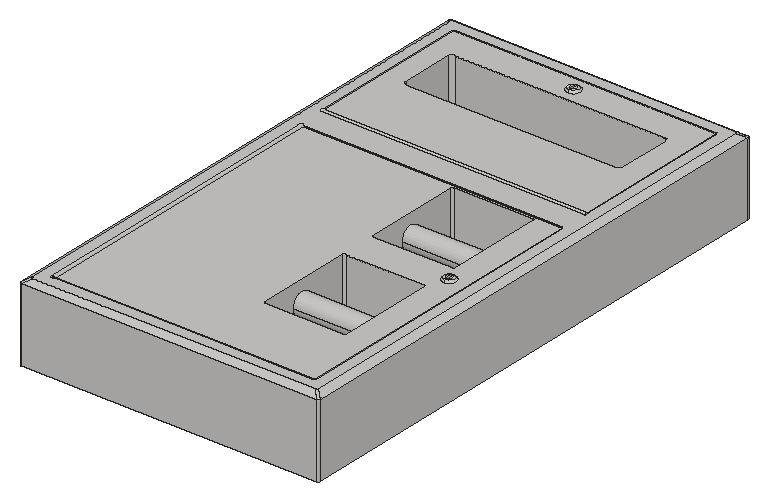
Revit family "Toilet_Seat_Tissue_Dispenser-Bobrick-ClassicSeries-B-3479", category Specialty Equipment, host Face, Revit 2014
Parameters (values of type "B-3479")
  Width = 17 3/16"
  Warranty Information = "1 Year Limited Warranty"
  URL = "http://www.bobrick.com/"
  Type Comments = ""
  Specification = "Surface-mounted toilet-seat-cover and toilet tissue dispenser shall be type-304 stainless steel; exposed surfaces shall have satin finish. Toilet tissue dispenser shall be ABS plastic. Flange shall be drawn and beveled, one-piece, seamless construction. Unit shall be mounted on side wall of single toilet compartment. Doors shall be one-piece, seamless construction; secured to unit with a full-length stainless steel piano-hinge; and equipped with tumbler locks keyed like other Bobrick washroom accessories. Toilet-seat-cover dispenser shall hold 500 paper covers. Unit shall be equipped with two theft-resistant, heavy-duty ABS toilet tissue spindles that hold standard-core rolls up to 5-1/4'' (135mm) diameter (1800 sheets). Spindles shall be removable from unit only when door is open. Surface-Mounted Seat-Cover And Toilet Tissue Dispenser shall be Model B-3479 of Bobrick Washroom Equipment, Inc., Clifton Park, New York; Jackson, Tennessee; Los Angeles, California; Bobrick Washroom Equipment Company, Scarborough, Ontario; Bobrick Washroom Equipment Pty. Ltd., Australia; and Bobrick Washroom Equipment Limited, United Kingdom."
  Product Page URL = "http://www.bobrick.com/washroomaccessories/Pages/ProductDetails.aspx?Product+Number=B-3479"
  Product Documentation Link = "http://www.bobrick.com/Documents/B-3479_td.pdf"
  Price = "Prices may vary. Please consult Manufacturer Representative for most up-to-date price list."  # constant formula
  Model = "B-3479"
  Material = Stainless Steel-Bobrick-Type 304-Satin
  Manufacturer = "Bobrick Washroom Equipment, Inc."
  Length = 4 3/16"
  Installation Type = "Wall Mounted"
  Height = 30 7/8"
  Description = "Bobrick ClassicSeries® Surface-Mounted Seat-Cover and Toilet Tissue Dispenser"
  Default Elevation = 60"
  Creation Date = "12/30/2014"  # constant formula
  Assembly Code = "E1010900"
  ADA Compliant = yes
Reference planes (in)
  plane 1 "Center (Front/Back)": y = 0
  plane 2: z = 0
  plane 3 "Center (Left/Right)": x = 0
  plane 4: x = 8.59375
  plane 5: x = -8.59375
  plane 6: y = -15.4375
  plane 7: y = 15.4375
  plane 8: z = 4.1875
  plane 9: y = -44.5625
  plane 10: x = 3.71875
  plane 11: x = -7.59375
  plane 12: x = 7.59375
Forms (in)
  Extrusion 1, solid, material "Stainless Steel-Bobrick-Type 304-Satin" <- "Material"
    sketch origin (0, 0, 0) x (1, 0, 0) y (0, 1, 0)
      loop
        arc (-8.46875, 15.4375) -> (-8.55714, 15.40089) -> (-8.59375, 15.3125) r 0.125
        line (-8.59375, 15.3125) -> (-8.59375, -15.3125)
        arc (-8.59375, -15.3125) -> (-8.55714, -15.40089) -> (-8.46875, -15.4375) r 0.125
        line (-8.46875, -15.4375) -> (8.46875, -15.4375)
        arc (8.46875, -15.4375) -> (8.55714, -15.40089) -> (8.59375, -15.3125) r 0.125
        line (8.59375, -15.3125) -> (8.59375, 15.3125)
        arc (8.59375, 15.3125) -> (8.55714, 15.40089) -> (8.46875, 15.4375) r 0.125
        line (8.46875, 15.4375) -> (-8.46875, 15.4375)
    from 0 to 4.1875
  Blend 2, solid, material "Stainless Steel-Bobrick-Type 304-Satin" <- "Material"
    base sketch origin (0, 0, 0) x (1, 0, 0) y (0, 1, 0)
      loop
        arc (-8.46875, 15.4375) -> (-8.55714, 15.40089) -> (-8.59375, 15.3125) r 0.125
        line (-8.59375, 15.3125) -> (-8.59375, -15.3125)
        arc (-8.59375, -15.3125) -> (-8.55714, -15.40089) -> (-8.46875, -15.4375) r 0.125
        line (-8.46875, -15.4375) -> (8.46875, -15.4375)
        arc (8.46875, -15.4375) -> (8.55714, -15.40089) -> (8.59375, -15.3125) r 0.125
        line (8.59375, -15.3125) -> (8.59375, 15.3125)
        arc (8.59375, 15.3125) -> (8.55714, 15.40089) -> (8.46875, 15.4375) r 0.125
        line (8.46875, 15.4375) -> (-8.46875, 15.4375)
    top sketch origin (0, 0, 0) x (1, 0, 0) y (0, 1, 0)
      loop
        arc (-8.09375, 15.0625) -> (-8.18214, 15.02589) -> (-8.21875, 14.9375) r 0.125
        line (-8.21875, 14.9375) -> (-8.21875, -14.9375)
        arc (-8.21875, -14.9375) -> (-8.18214, -15.02589) -> (-8.09375, -15.0625) r 0.125
        line (-8.09375, -15.0625) -> (8.09375, -15.0625)
        arc (8.09375, -15.0625) -> (8.18214, -15.02589) -> (8.21875, -14.9375) r 0.125
        line (8.21875, -14.9375) -> (8.21875, 14.9375)
        arc (8.21875, 14.9375) -> (8.18214, 15.02589) -> (8.09375, 15.0625) r 0.125
        line (8.09375, 15.0625) -> (-8.09375, 15.0625)
    from 4.1875 to 4.4375
  Extrusion 3, void
    sketch origin (0, 0, 0) x (1, 0, 0) y (0, 1, 0)
      loop
        arc (-7.46875, 14.4375) -> (-7.55714, 14.40089) -> (-7.59375, 14.3125) r 0.125
        line (-7.59375, 14.3125) -> (-7.59375, 5.15514) -> (-7.53125, 5.15514) -> (-7.53125, 14.3125)
        arc (-7.53125, 14.3125) -> (-7.51294, 14.35669) -> (-7.46875, 14.375) r 0.0625
        line (-7.46875, 14.375) -> (7.46875, 14.375)
        arc (7.46875, 14.375) -> (7.51294, 14.35669) -> (7.53125, 14.3125) r 0.0625
        line (7.53125, 14.3125) -> (7.53125, 5.15514) -> (7.59375, 5.15514) -> (7.59375, 14.3125)
        arc (7.59375, 14.3125) -> (7.55714, 14.40089) -> (7.46875, 14.4375) r 0.125
        line (7.46875, 14.4375) -> (-7.46875, 14.4375)
      loop
        line (-7.46875, -14.4375) -> (7.46875, -14.4375)
        arc (7.46875, -14.4375) -> (7.55714, -14.40089) -> (7.59375, -14.3125) r 0.125
        line (7.59375, -14.3125) -> (7.59375, 3.28176)
        arc (7.59375, 3.28176) -> (7.55714, 3.37015) -> (7.46875, 3.40676) r 0.125
        line (7.46875, 3.40676) -> (-7.46875, 3.40676) -> (-7.46875, 3.34426) -> (7.46875, 3.34426)
        arc (7.46875, 3.34426) -> (7.51294, 3.32595) -> (7.53125, 3.28176) r 0.0625
        line (7.53125, 3.28176) -> (7.53125, -14.3125)
        arc (7.53125, -14.3125) -> (7.51294, -14.35669) -> (7.46875, -14.375) r 0.0625
        line (7.46875, -14.375) -> (-7.46875, -14.375) -> (-7.46875, -14.4375)
      loop
        line (1.46875, -2.59804) -> (5.96875, -2.59804)
        arc (5.96875, -2.59804) -> (6.05714, -2.56143) -> (6.09375, -2.47304) r 0.125
        line (6.09375, -2.47304) -> (6.09375, 3.02696)
        arc (6.09375, 3.02696) -> (6.05714, 3.11534) -> (5.96875, 3.15196) r 0.125
        line (5.96875, 3.15196) -> (1.46875, 3.15196)
        arc (1.46875, 3.15196) -> (1.38036, 3.11534) -> (1.34375, 3.02696) r 0.125
        line (1.34375, 3.02696) -> (1.34375, -2.47304)
        arc (1.34375, -2.47304) -> (1.38036, -2.56143) -> (1.46875, -2.59804) r 0.125
      loop
        line (1.46875, -10.34804) -> (5.96875, -10.34804)
        arc (5.96875, -10.34804) -> (6.05714, -10.31143) -> (6.09375, -10.22304) r 0.125
        line (6.09375, -10.22304) -> (6.09375, -4.72304)
        arc (6.09375, -4.72304) -> (6.05714, -4.63466) -> (5.96875, -4.59804) r 0.125
        line (5.96875, -4.59804) -> (1.46875, -4.59804)
        arc (1.46875, -4.59804) -> (1.38036, -4.63466) -> (1.34375, -4.72304) r 0.125
        line (1.34375, -4.72304) -> (1.34375, -10.22304)
        arc (1.34375, -10.22304) -> (1.38036, -10.31143) -> (1.46875, -10.34804) r 0.125
      loop
        arc (-6.05372, 12.65482) -> (-6.2305, 12.5816) -> (-6.30372, 12.40482) r 0.25
        line (-6.30372, 12.40482) -> (-6.30372, 9.40482)
        arc (-6.30372, 9.40482) -> (-6.2305, 9.22804) -> (-6.05372, 9.15482) r 0.25
        line (-6.05372, 9.15482) -> (5.94628, 9.15482)
        arc (5.94628, 9.15482) -> (6.12305, 9.22804) -> (6.19628, 9.40482) r 0.25
        line (6.19628, 9.40482) -> (6.19628, 12.40482)
        arc (6.19628, 12.40482) -> (6.12305, 12.5816) -> (5.94628, 12.65482) r 0.25
        line (5.94628, 12.65482) -> (-6.05372, 12.65482)
      loop
        line (0.05469, 13.77942) -> (-0.05469, 13.77942) -> (-0.05469, 13.3341) -> (0.05469, 13.3341) -> (0.05469, 13.77942)
      loop
        line (6.54656, -3.27232) -> (6.43718, -3.27232) -> (6.43718, -3.66294) -> (6.54656, -3.66294) -> (6.54656, -3.27232)
    from 0.54021 to 5.53252
  Extrusion 4, solid, material "Stainless Steel-Bobrick-Type 304-Satin" <- "Material"
    sketch origin (0, 0.1875, 1.3125) x (0, 1, 0) y (0, 0, 1)
      loop
        circle (0, 1.9029) r 0.625
    from 1.34375 to 6.09375
  Extrusion 5, solid, material "Stainless Steel-Bobrick-Type 304-Satin" <- "Material"
    sketch origin (0, -7.625, 1.3125) x (0, 1, 0) y (0, 0, 1)
      loop
        circle (0, 1.9029) r 0.625
    from 1.34375 to 6.09375
  Revolve 6, solid, material "Stainless Steel-Bobrick-Type 304-Satin" <- "Material"
    sketch origin (0, -0.125, 0) x (0, 1, 0) y (0, 0, 1)
      loop
        line (13.6875, 4.4375) -> (14.0625, 4.4375) -> (13.9669, 4.5331)
        arc (13.9669, 4.5331) -> (13.93433, 4.55486) -> (13.89592, 4.5625) r 0.10039
        line (13.89592, 4.5625) -> (13.6875, 4.5625) -> (13.6875, 4.4375)
      axis (13.6875, 4.5625) -> (13.6875, 4.4375)
    angle from 0 to 360
  Revolve 7, solid, material "Stainless Steel-Bobrick-Type 304-Satin" <- "Material"
    sketch origin (6.49187, -17.14939, 0) x (0, 1, 0) y (0, 0, 1)
      loop
        line (13.6875, 4.4375) -> (14.0625, 4.4375) -> (13.9669, 4.5331)
        arc (13.9669, 4.5331) -> (13.93433, 4.55486) -> (13.89592, 4.5625) r 0.10039
        line (13.89592, 4.5625) -> (13.6875, 4.5625) -> (13.6875, 4.4375)
      axis (13.6875, 4.5625) -> (13.6875, 4.4375)
    angle from 0 to 360
  Extrusion 8, solid, material "Stainless Steel-Bobrick-Type 304-Satin" <- "Material"
    sketch origin (0, -0.03125, -0.0625) x (0, 1, 0) y (0, 0, 1)
      loop
        arc (5.18645, 4.4375) -> (5.06145, 4.5625) -> (4.93645, 4.4375) r 0.125
        line (4.93645, 4.4375) -> (5.18645, 4.4375)
    from -7.59375 to 7.59375
  Extrusion 9, void
    sketch origin (0, 0, 0) x (0, 1, 0) y (0, 0, 1)
      loop
        line (5.26308, 0.54021) -> (9.32344, 0.54021) -> (9.32344, 4.04021) -> (5.26308, 4.04021) -> (5.26308, 0.54021)
    from -7.53125 to 7.53125
  Extrusion 10, solid, material "Stainless Steel-Bobrick-Type 304-Satin" <- "Material"
    sketch origin (-12.5302, -6.84375, -0.0625) x (1, 0, 0) y (0, 0, 1)
      loop
        arc (5.18645, 4.4375) -> (5.06145, 4.5625) -> (4.93645, 4.4375) r 0.125
        line (4.93645, 4.4375) -> (5.18645, 4.4375)
    from -10.25051 to 7.59375
Cuts and joins
  Extrusion 3, Extrusion 9 cuts Extrusion 1
  Extrusion 3, Extrusion 9 cuts Blend 2
  Extrusion 9 cuts Extrusion 4
  Extrusion 9 cuts Extrusion 5
  Extrusion 3, Extrusion 9 cuts Revolve 6
  Extrusion 3, Extrusion 9 cuts Revolve 7
  Extrusion 9 cuts Extrusion 8
  joined: Extrusion 1, Blend 2, Extrusion 4, Extrusion 5, Revolve 6, Revolve 7, Extrusion 8, Extrusion 10
Lines and regions (in)
  Masking region 1
    outline origin (0, 0, 0) x (1, 0, 0) y (0, 0, 1)
      loop
        line (-8.59375, 0) -> (8.59375, 0) -> (8.59375, 4.1875) -> (8.21875, 4.4375) -> (7.59375, 4.4375) -> (7.59375, 4.5) -> (6.8047, 4.5) -> (6.76676, 4.53794)
        arc (6.76676, 4.53794) -> (6.73956, 4.55612) -> (6.70747, 4.5625) r 0.08386
        line (6.70747, 4.5625) -> (6.28609, 4.5625)
        arc (6.28609, 4.5625) -> (6.24531, 4.55439) -> (6.21073, 4.53129) r 0.10657
        line (6.21073, 4.53129) -> (6.17963, 4.50019) -> (0.31348, 4.50019) -> (0.28112, 4.53255)
        arc (0.28112, 4.53255) -> (0.24794, 4.55472) -> (0.20881, 4.5625) r 0.10226
        line (0.20881, 4.5625) -> (-0.20784, 4.5625)
        arc (-0.20784, 4.5625) -> (-0.24697, 4.55472) -> (-0.28014, 4.53255) r 0.10226
        line (-0.28014, 4.53255) -> (-0.31251, 4.50019) -> (-7.59375, 4.50019) -> (-7.59375, 4.4375) -> (-8.21875, 4.4375) -> (-8.59375, 4.1875) -> (-8.59375, 0)
  symbolic lines, detail levels medium+fine
    curve 1: line (-8.59375, 0, 4.1875) -> (8.59375, 0, 4.1875)
    curve 2: line (-7.59375, 0, 4.4375) -> (7.59375, 0, 4.4375)
  symbolic lines, detail levels fine
    curve 3: line (6.11695, 0, 4.4375) -> (6.17963, 0, 4.50019)
    curve 4: line (6.8672, 0, 4.4375) -> (6.80644, 0, 4.49826)
    curve 5: arc (-7.577, 0, 4.4375) -> (-7.46875, 0, 4.5) -> (-7.3605, 0, 4.4375) r 0.125
    curve 6: line (-0.31251, 0, 4.50019) -> (0.31348, 0, 4.50019)
Dimensions and locks (in)
  "Length": plane 8 to host face
  "Height": plane 6 to plane 7
  "Width": plane 5 to plane 4
  "Default Elevation": plane 9 to plane 7
  plane 5 to plane 10 to plane 4 = 12 5/16", 4 7/8"
  plane 11 to plane 12 = 15 3/16"
  aligned and locked: plane 2 to host face
  aligned and locked: level to host face
  aligned and locked: plane 8 to Extrusion 1
  aligned and locked: Extrusion 1 to level
Automatic sketch dimensions
  host sketch curve to host sketch curve = 96"  (x2)
  Extrusion 1 sketch curve to plane 5 = 0"
  plane 6 to Extrusion 1 sketch curve = 0"
  plane 7 to Extrusion 1 sketch curve = 0"
  Extrusion 1 sketch curve to plane 4 = 0"
  plane 5 to Extrusion 1 sketch curve = 1/8"  (x2)
  Extrusion 1 sketch curve to plane 4 = 1/8"  (x2)
  Blend 2 sketch curve to plane 5 = 0"
  plane 6 to Blend 2 sketch curve = 0"
  plane 7 to Blend 2 sketch curve = 0"
  Blend 2 sketch curve to plane 4 = 0"
  Blend 2 sketch curve to Blend 2 sketch curve = 1/8"  (x4)
  plane 5 to Blend 2 sketch curve = 1/8"
  Blend 2 sketch curve to plane 4 = 1/8"  (x2)
  plane 5 to Blend 2 sketch curve = 3/8"
  Blend 2 sketch curve to plane 4 = 1/2"  (x2)
  Blend 2 sketch curve to plane 6 = 3/8"
  plane 7 to Blend 2 sketch curve = 1/2"
  Extrusion 3 sketch curve to Extrusion 3 sketch curve = 0"  (x9)
  plane 5 to Extrusion 3 sketch curve = 1"
  Extrusion 3 sketch curve to Extrusion 3 sketch curve = 1/16"  (x4)
  plane 5 to Extrusion 3 sketch curve = 1 1/8"  (x2)
  Extrusion 3 sketch curve to Extrusion 3 sketch curve = 1.16503"
  Extrusion 3 sketch curve to Extrusion 3 sketch curve = 1/4"  (x3)
  Extrusion 3 sketch curve to plane 3 "Center (Left/Right)" = 7/128"
  plane 3 "Center (Left/Right)" to Extrusion 3 sketch curve = 7/128"
  plane 3 "Center (Left/Right)" to Extrusion 3 sketch curve = 1 11/32"
  Extrusion 3 sketch curve to Extrusion 3 sketch curve = 1/8"  (x6)
  Extrusion 3 sketch curve to plane 4 = 2.64747"  (x2)
  Extrusion 3 sketch curve to plane 4 = 2.15657"
  Extrusion 3 sketch curve to Extrusion 3 sketch curve = 7/64"
  Extrusion 3 sketch curve to plane 4 = 2 5/8"  (x2)
  Extrusion 3 sketch curve to Extrusion 3 sketch curve = 0.57781"  (x2)
  Extrusion 3 sketch curve to Extrusion 3 sketch curve = 1 3/8"
  Extrusion 3 sketch curve to plane 4 = 1 1/8"  (x2)
  Extrusion 3 sketch curve to plane 4 = 1 1/16"
  Extrusion 3 sketch curve to plane 6 = 1"
  Extrusion 3 sketch curve to Extrusion 3 sketch curve = 3.96446"
  plane 1 "Center (Front/Back)" to Extrusion 3 sketch curve = 4.72304"
  Extrusion 3 sketch curve to Extrusion 3 sketch curve = 0.9351"
  Extrusion 3 sketch curve to Extrusion 3 sketch curve = 25/64"
  Extrusion 3 sketch curve to Extrusion 3 sketch curve = 0.67427"
  Extrusion 3 sketch curve to plane 1 "Center (Front/Back)" = 3.02696"
  Extrusion 3 sketch curve to Extrusion 3 sketch curve = 0.2548"
  Extrusion 3 sketch curve to Extrusion 3 sketch curve = 1.74838"  (x2)
  Extrusion 3 sketch curve to Extrusion 3 sketch curve = 3.99969"
  Extrusion 3 sketch curve to Extrusion 3 sketch curve = 3"
  plane 7 to Extrusion 3 sketch curve = 2.1034"
  Extrusion 3 sketch curve to Extrusion 3 sketch curve = 57/128"
  plane 7 to Extrusion 3 sketch curve = 1 1/8"
  Extrusion 4 sketch curve to plane 1 "Center (Front/Back)" = 3/16"
  Extrusion 4 sketch curve to plane 8 = 0.9721"
  Extrusion 5 sketch curve to plane 8 = 0.9721"
  plane 1 "Center (Front/Back)" to Extrusion 5 sketch curve = 7 5/8"
  plane 8 to Revolve 6 sketch curve = 1/4"
  plane 7 to Revolve 6 sketch curve = 1 7/8"
  Revolve 6 sketch curve to Revolve 6 sketch curve = 0"
  Revolve 6 sketch curve to Revolve 6 sketch curve = 0.20842"
  plane 8 to Revolve 6 sketch curve = 0.3456"
  Revolve 6 sketch curve to Revolve 6 sketch curve = 0.07099"  (x2)
  Revolve 6 sketch curve to Revolve 6 sketch curve = 0.0956"
  Revolve 6 sketch curve to Revolve 6 sketch curve = 0.04717"
  Revolve 6 sketch curve to Revolve 6 sketch curve = 0.03268"
  plane 8 to Revolve 7 sketch curve = 1/4"
  plane 1 "Center (Front/Back)" to Revolve 7 sketch curve = 3.46189"
  Revolve 7 sketch curve to Revolve 7 sketch curve = 0"
  Revolve 7 sketch curve to Revolve 7 sketch curve = 0.20842"
  plane 8 to Revolve 7 sketch curve = 0.3456"
  Revolve 7 sketch curve to Revolve 7 sketch curve = 0.07099"  (x2)
  Revolve 7 sketch curve to Revolve 7 sketch curve = 0.0956"
  Revolve 7 sketch curve to Revolve 7 sketch curve = 0.04717"
  Revolve 7 sketch curve to Revolve 7 sketch curve = 0.03268"
  plane 8 to Extrusion 8 sketch curve = 3/16"
  Extrusion 8 sketch curve to plane 1 "Center (Front/Back)" = 4.9052"
  Extrusion 8 sketch curve to Extrusion 8 sketch curve = 1/8"
  Extrusion 9 sketch curve to plane 8 = 0.14729"
  Extrusion 9 sketch curve to plane 1 "Center (Front/Back)" = 5.26308"
  Extrusion 9 sketch curve to Extrusion 9 sketch curve = 4.06036"
  level to Extrusion 9 sketch curve = 0.54021"
  plane 8 to Extrusion 10 sketch curve = 3/16"
  plane 5 to Extrusion 10 sketch curve = 1"
  Extrusion 10 sketch curve to Extrusion 10 sketch curve = 1/8"
  Masking region 1 sketch curve to plane 5 = 0"
  Masking region 1 sketch curve to plane 4 = 0"
  Masking region 1 sketch curve to level = 0"
  Masking region 1 sketch curve to plane 8 = 0"  (x2)
  plane 5 to Masking region 1 sketch curve = 3/8"
  plane 8 to Masking region 1 sketch curve = 1/4"  (x2)
  Masking region 1 sketch curve to Masking region 1 sketch curve = 5/8"
  Masking region 1 sketch curve to plane 3 "Center (Left/Right)" = 5/16"
  Masking region 1 sketch curve to Masking region 1 sketch curve = 0.03236"  (x3)
  Masking region 1 sketch curve to Masking region 1 sketch curve = 0.07231"  (x2)
  plane 3 "Center (Left/Right)" to Masking region 1 sketch curve = 0.20881"
  plane 8 to Masking region 1 sketch curve = 0.31269"
  Masking region 1 sketch curve to plane 4 = 2.41412"
  Masking region 1 sketch curve to Masking region 1 sketch curve = 0.0311"  (x2)
  Masking region 1 sketch curve to Masking region 1 sketch curve = 0.07535"
  Masking region 1 sketch curve to Masking region 1 sketch curve = 0.42138"
  Masking region 1 sketch curve to Masking region 1 sketch curve = 0.05929"
  plane 8 to Masking region 1 sketch curve = 5/16"
  Masking region 1 sketch curve to Masking region 1 sketch curve = 0.03794"
  Masking region 1 sketch curve to Masking region 1 sketch curve = 101/128"
  Masking region 1 sketch curve to plane 4 = 3/8"
  Masking region 1 sketch curve to Masking region 1 sketch curve = 0.04425"
  plane 8 to Masking region 1 sketch curve = 0.27274"
  Masking region 1 sketch curve to Masking region 1 sketch curve = 0.03994"  (x2)
  Masking region 1 sketch curve to Masking region 1 sketch curve = 0.02136"
  curve 1 to plane 5 = 0"
  curve 1 to plane 4 = 0"
  curve 1 to plane 8 = 0"
  plane 8 to curve 2 = 1/4"
  plane 5 to curve 2 = 1"
  curve 2 to curve 5 = 0.01675"
  curve 5 to curve 5 = 0.10825"
  curve 6 to plane 3 "Center (Left/Right)" = 5/16"
  plane 3 "Center (Left/Right)" to curve 6 = 0.31348"
  curve 3 to plane 4 = 2.4768"
  plane 8 to curve 3 = 0.31269"
  curve 3 to curve 3 = 0.06269"
  plane 8 to curve 4 = 0.31076"
  curve 3 to curve 4 = 0.62681"
  curve 4 to curve 4 = 0.06076"
  curve 4 to curve 2 = 93/128"
  curve 5 to curve 5 = 1/16"
  plane 8 to curve 6 = 0.31269"
  radius of Extrusion 4 sketch curve = 5/8"
  radius of Extrusion 5 sketch curve = 5/8"
